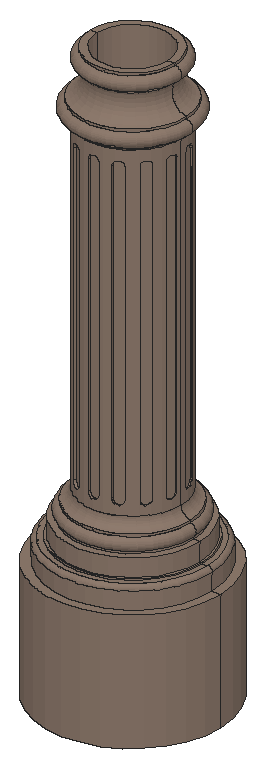
Revit family "CB3004", category Generic Models, Revit 2014
Parameters
  BASE = Bronze, Architectural
Reference planes (in)
  plane 1 "Center (Front/Back)": y = 0
  plane 2: z = 0
  plane 3 "Center (Left/Right)": x = 0
Forms (in)
  Revolve 1, solid, material "Bronze, Architectural" <- "BASE"
    sketch origin (0, 0, 0) x (1, 0, 0) y (0, 0, 1)
      loop
        arc (-2.375, 32.625) -> (-2.75, 32.25) -> (-2.375, 31.875) r 0.375
        line (-2.375, 31.875) -> (-2.375, 31.75)
        arc (-2.375, 31.75) -> (-2.32971, 30.85092) -> (-3, 30.25) r 1.04538
        line (-3, 30.25) -> (-3, 30.125)
        arc (-3, 30.125) -> (-3.375, 29.75) -> (-3, 29.375) r 0.375
        line (-3, 29.375) -> (-3, 29.25) -> (-2.75, 29.0625) -> (-2.75, 10.5)
        arc (-2.75, 10.5) -> (-2.8846, 10.09518) -> (-3.25, 9.875) r 0.61575
        line (-3.25, 9.875) -> (-3.25, 9.75)
        arc (-3.25, 9.75) -> (-3.54737, 9.49858) -> (-3.4375, 9.125) r 0.35665
        line (-3.4375, 9.125) -> (-3.4375, 9) -> (-3.81241, 9) -> (-3.81241, 8) -> (-3.9375, 8) -> (-3.9375, 7.9375) -> (-4.25, 7.9375)
        arc (-4.25, 7.9375) -> (-4.42678, 7.86428) -> (-4.5, 7.6875) r 0.25
        line (-4.5, 7.6875) -> (-4.5, 6.75) -> (-5, 6.75) -> (-5, 0) -> (0, 0) -> (0, 32.75) -> (-2.375, 32.75) -> (-2.375, 32.625)
      axis (0, 0) -> (0, 32.75)
    angle from 0 to 360
  Extrusion 2, void
    sketch origin (0, 0, 0) x (1, 0, 0) y (0, 0, 1)
      loop
        arc (0.312, 28.16974) -> (0, 28.48174) -> (-0.312, 28.16974) r 0.312
        line (-0.312, 28.16974) -> (-0.312, 11.33026)
        arc (-0.312, 11.33026) -> (0, 11.01826) -> (0.312, 11.33026) r 0.312
        line (0.312, 11.33026) -> (0.312, 28.16974)
    from 2.62803 to 2.87167
  Revolve 3, void
    sketch origin (0, 0, 0) x (1, 0, 0) y (0, 0, 1)
      loop
        line (0, 25.75) -> (0, 32.75) -> (-2, 32.75) -> (-2, 25.75) -> (0, 25.75)
      axis (0, 32.75) -> (0, 25.75)
    angle from 0 to 360
  Extrusion 4, void
    sketch origin (0, 0, 0) x (-1, 0, 0) y (0, 0, 1)
      loop
        arc (0.312, 28.16974) -> (0, 28.48174) -> (-0.312, 28.16974) r 0.312
        line (-0.312, 28.16974) -> (-0.312, 11.33026)
        arc (-0.312, 11.33026) -> (0, 11.01826) -> (0.312, 11.33026) r 0.312
        line (0.312, 11.33026) -> (0.312, 28.16974)
    from 2.62803 to 2.87167
  Extrusion 5, void
    sketch origin (0, 0, 0) x (0.900969, 0.433884, 0) y (0, 0, 1)
      loop
        arc (0.312, 28.16974) -> (0, 28.48174) -> (-0.312, 28.16974) r 0.312
        line (-0.312, 28.16974) -> (-0.312, 11.33026)
        arc (-0.312, 11.33026) -> (0, 11.01826) -> (0.312, 11.33026) r 0.312
        line (0.312, 11.33026) -> (0.312, 28.16974)
    from 2.62803 to 2.87167
  Extrusion 6, void
    sketch origin (0, 0, 0) x (-0.900969, -0.433884, 0) y (0, 0, 1)
      loop
        arc (0.312, 28.16974) -> (0, 28.48174) -> (-0.312, 28.16974) r 0.312
        line (-0.312, 28.16974) -> (-0.312, 11.33026)
        arc (-0.312, 11.33026) -> (0, 11.01826) -> (0.312, 11.33026) r 0.312
        line (0.312, 11.33026) -> (0.312, 28.16974)
    from 2.62803 to 2.87167
  Extrusion 7, void
    sketch origin (0, 0, 0) x (0.62349, 0.781831, 0) y (0, 0, 1)
      loop
        arc (0.312, 28.16974) -> (0, 28.48174) -> (-0.312, 28.16974) r 0.312
        line (-0.312, 28.16974) -> (-0.312, 11.33026)
        arc (-0.312, 11.33026) -> (0, 11.01826) -> (0.312, 11.33026) r 0.312
        line (0.312, 11.33026) -> (0.312, 28.16974)
    from 2.62803 to 2.87167
  Extrusion 8, void
    sketch origin (0, 0, 0) x (-0.62349, -0.781831, 0) y (0, 0, 1)
      loop
        arc (0.312, 28.16974) -> (0, 28.48174) -> (-0.312, 28.16974) r 0.312
        line (-0.312, 28.16974) -> (-0.312, 11.33026)
        arc (-0.312, 11.33026) -> (0, 11.01826) -> (0.312, 11.33026) r 0.312
        line (0.312, 11.33026) -> (0.312, 28.16974)
    from 2.62803 to 2.87167
  Extrusion 9, void
    sketch origin (0, 0, 0) x (0.222521, 0.974928, 0) y (0, 0, 1)
      loop
        arc (0.312, 28.16974) -> (0, 28.48174) -> (-0.312, 28.16974) r 0.312
        line (-0.312, 28.16974) -> (-0.312, 11.33026)
        arc (-0.312, 11.33026) -> (0, 11.01826) -> (0.312, 11.33026) r 0.312
        line (0.312, 11.33026) -> (0.312, 28.16974)
    from 2.62803 to 2.87167
  Extrusion 10, void
    sketch origin (0, 0, 0) x (-0.222521, -0.974928, 0) y (0, 0, 1)
      loop
        arc (0.312, 28.16974) -> (0, 28.48174) -> (-0.312, 28.16974) r 0.312
        line (-0.312, 28.16974) -> (-0.312, 11.33026)
        arc (-0.312, 11.33026) -> (0, 11.01826) -> (0.312, 11.33026) r 0.312
        line (0.312, 11.33026) -> (0.312, 28.16974)
    from 2.62803 to 2.87167
  Extrusion 11, void
    sketch origin (0, 0, 0) x (-0.222521, 0.974928, 0) y (0, 0, 1)
      loop
        arc (0.312, 28.16974) -> (0, 28.48174) -> (-0.312, 28.16974) r 0.312
        line (-0.312, 28.16974) -> (-0.312, 11.33026)
        arc (-0.312, 11.33026) -> (0, 11.01826) -> (0.312, 11.33026) r 0.312
        line (0.312, 11.33026) -> (0.312, 28.16974)
    from 2.62803 to 2.87167
  Extrusion 12, void
    sketch origin (0, 0, 0) x (0.222521, -0.974928, 0) y (0, 0, 1)
      loop
        arc (0.312, 28.16974) -> (0, 28.48174) -> (-0.312, 28.16974) r 0.312
        line (-0.312, 28.16974) -> (-0.312, 11.33026)
        arc (-0.312, 11.33026) -> (0, 11.01826) -> (0.312, 11.33026) r 0.312
        line (0.312, 11.33026) -> (0.312, 28.16974)
    from 2.62803 to 2.87167
  Extrusion 13, void
    sketch origin (0, 0, 0) x (-0.62349, 0.781831, 0) y (0, 0, 1)
      loop
        arc (0.312, 28.16974) -> (0, 28.48174) -> (-0.312, 28.16974) r 0.312
        line (-0.312, 28.16974) -> (-0.312, 11.33026)
        arc (-0.312, 11.33026) -> (0, 11.01826) -> (0.312, 11.33026) r 0.312
        line (0.312, 11.33026) -> (0.312, 28.16974)
    from 2.62803 to 2.87167
  Extrusion 14, void
    sketch origin (0, 0, 0) x (0.62349, -0.781831, 0) y (0, 0, 1)
      loop
        arc (0.312, 28.16974) -> (0, 28.48174) -> (-0.312, 28.16974) r 0.312
        line (-0.312, 28.16974) -> (-0.312, 11.33026)
        arc (-0.312, 11.33026) -> (0, 11.01826) -> (0.312, 11.33026) r 0.312
        line (0.312, 11.33026) -> (0.312, 28.16974)
    from 2.62803 to 2.87167
  Extrusion 15, void
    sketch origin (0, 0, 0) x (-0.900969, 0.433884, 0) y (0, 0, 1)
      loop
        arc (0.312, 28.16974) -> (0, 28.48174) -> (-0.312, 28.16974) r 0.312
        line (-0.312, 28.16974) -> (-0.312, 11.33026)
        arc (-0.312, 11.33026) -> (0, 11.01826) -> (0.312, 11.33026) r 0.312
        line (0.312, 11.33026) -> (0.312, 28.16974)
    from 2.62803 to 2.87167
  Extrusion 16, void
    sketch origin (0, 0, 0) x (0.900969, -0.433884, 0) y (0, 0, 1)
      loop
        arc (0.312, 28.16974) -> (0, 28.48174) -> (-0.312, 28.16974) r 0.312
        line (-0.312, 28.16974) -> (-0.312, 11.33026)
        arc (-0.312, 11.33026) -> (0, 11.01826) -> (0.312, 11.33026) r 0.312
        line (0.312, 11.33026) -> (0.312, 28.16974)
    from 2.62803 to 2.87167
Cuts and joins
  Extrusion 2, Revolve 3, Extrusion 4, Extrusion 5, Extrusion 6, Extrusion 7, Extrusion 8, Extrusion 9, Extrusion 10, Extrusion 11, Extrusion 12, Extrusion 13, Extrusion 14, Extrusion 15, Extrusion 16 cuts Revolve 1
Dimensions and locks (in)
  aligned and locked: plane 2 to level
